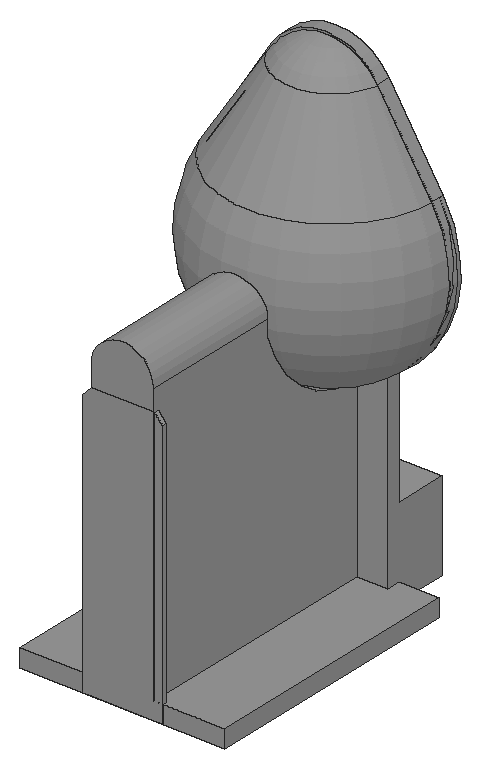
Revit family "Toilet-Willoughby-1490-HET-ETWS-FM-BS", category Plumbing Fixtures, host Face, Revit 2014
Parameters (values of type "Standard")
  Waste DIA = 2 1/4"
  Waste Connection = yes
  W-RAD [instance] = Waste DIA / 2  # 0' - 1 1/8"
  Vent Connection = no
  URL = "www.willoughby-ind.com"
  Type Comments = "Siphon Jet Flush"
  Revision = "A"
  Model = "ETWS-1490-HET-FM-BS"
  Manufacturer = "Willoughby Industries"
  HW Connection = no
  Flush inlet DIA = 1 1/2"
  Flush Inlet Connection = yes
  Fixture Body = Stainless Steel AISI 304-Willoughby
  F-RAD [instance] = Flush inlet DIA / 2  # 0' - 0 3/4"
  Description = "Floor Mounted Toilet"
  Default Elevation = 0' - 0"
  Contact Number = "(800) 428-4065"
  CW Connection = no
Reference planes (in)
  plane 1 "Base": y = -16.25
  plane 2: z = 0
  plane 3 "Center": x = 18.31072
  plane 4: y = -1.25
  plane 5: z = -6.75
  plane 6: y = -2.125
  plane 7: y = -14.0625
  plane 8: y = 0.5
  plane 9: x = 16.56072
  plane 10: x = 20.06072
  plane 11: x = 12.56072
  plane 12: x = 24.06072
  plane 13 "Waste HGT": y = -10.75
Forms (in)
  Extrusion 1, solid, material "Stainless Steel AISI 304-Willoughby" <- "Fixture Body"
    sketch origin (16.08109, 7.47968, -5.1422) x (-1, 0, 0) y (0, 0, -1)
      loop
        line (1.29775, -16.80087) -> (1.29775, -5.1422) -> (-5.72963, -5.1422) -> (-5.72963, -16.81676)
        arc (-5.72963, -16.81676) -> (-8.98136, -21.11843) -> (-8.21015, -26.45542) r 7
        line (-8.21015, -26.45542) -> (-5.16818, -31.31054)
        arc (-5.16818, -31.31054) -> (-2.20225, -32.95225) -> (0.76368, -31.31054) r 3.5
        line (0.76368, -31.31054) -> (3.80565, -26.45542)
        arc (3.80565, -26.45542) -> (4.5729, -21.10311) -> (1.29775, -16.80087) r 7
      loop
        arc (2.03989, -24.70557) -> (-2.20225, -18.23804) -> (-6.44438, -24.70557) r 4.625
        line (-6.44438, -24.70557) -> (-4.04125, -30.23842)
        arc (-4.04125, -30.23842) -> (-2.20225, -31.45225) -> (-0.36324, -30.23842) r 2
        line (-0.36324, -30.23842) -> (2.03989, -24.70557)
    from 8.72968 to 9.5
  Revolve 2, solid, material "Stainless Steel AISI 304-Willoughby" <- "Fixture Body"
    sketch origin (19.37246, -1.52032, -1.93826) x (-1, 0, 0) y (0, 0, -1)
      loop
        line (1.06174, -12.59906) -> (1.06174, -12.84906)
        arc (1.06174, -12.84906) -> (6.96784, -16.33096) -> (6.78077, -23.18447) r 6.75
        line (6.78077, -23.18447) -> (3.81535, -27.91457)
        arc (3.81535, -27.91457) -> (2.63527, -29.03194) -> (1.06174, -29.43826) r 3.25
        line (1.06174, -29.43826) -> (1.06174, -29.68826)
        arc (1.06174, -29.68826) -> (2.75672, -29.25045) -> (4.02767, -28.04656) r 3.5
        line (4.02767, -28.04656) -> (7.06964, -23.19143)
        arc (7.06964, -23.19143) -> (7.15052, -16.14555) -> (1.06174, -12.59906) r 7
      axis (1.06174, -12.59906) -> (1.06174, -29.68826)
    angle from 0 to -180
  Extrusion 3, solid, material "Stainless Steel AISI 304-Willoughby" <- "Fixture Body"
    sketch origin (19.53334, -3.02032, -2.9508) x (0, 1, 0) y (0, 0, 1)
      loop
        line (-5.27082, 2.9508) -> (1, 2.9508) -> (1, 13.76086)
        arc (1, 13.76086) -> (-2.93256, 15.26109) -> (-5.27082, 18.76086) r 6.92744
        line (-5.27082, 18.76086) -> (-5.27082, 2.9508)
    from 0.52738 to -2.97262
  Extrusion 4, solid, material "Stainless Steel AISI 304-Willoughby" <- "Fixture Body"
    sketch origin (0, 14.59309, -3) x (1, 0, 0) y (0, 1, 0)
      loop
        circle (18.31072, -25.34309) r 1.125
    from 5.5 to 0
  Extrusion 5, solid, material "Stainless Steel AISI 304-Willoughby" <- "Fixture Body"
    sketch origin (18.31072, 0, -1) x (0, 1, 0) y (0, 0, 1)
      loop
        line (-1.25, 1) -> (1.75, 1) -> (1.75, 6) -> (-1.25, 6) -> (-1.25, 1)
    from -3.52738 to 3.5
  Extrusion 6, solid, material "Stainless Steel AISI 304-Willoughby" <- "Fixture Body"
    sketch origin (0, 0, 0) x (1, 0, 0) y (0, 1, 0)
      loop
        circle (18.31072, 0.5) r 0.75
    from 0 to 1
  Extrusion 7, solid, material "Stainless Steel AISI 304-Willoughby" <- "Fixture Body"
    sketch origin (0, -16.25, 0) x (1, 0, 0) y (0, 0, 1)
      loop
        line (24.06072, 0) -> (24.06072, 1) -> (12.56072, 1) -> (12.56072, 0) -> (24.06072, 0)
    from -15 to 0
  Extrusion 8, solid, material "Stainless Steel AISI 304-Willoughby" <- "Fixture Body"
    sketch origin (0, -16.25, 2) x (1, 0, 0) y (0, 0, 1)
      loop
        line (20.06072, -2) -> (20.06072, 14.68252)
        arc (20.06072, 14.68252) -> (18.31072, 16.43252) -> (16.56072, 14.68252) r 1.75
        line (16.56072, 14.68252) -> (16.56072, -2) -> (20.06072, -2)
    from 0 to -7.95886
  Extrusion 9, solid, material "Stainless Steel AISI 304-Willoughby" <- "Fixture Body"
    sketch origin (0, -16.25, 0) x (1, 0, 0) y (0, 0, 1)
      loop
        line (20.06072, 0) -> (20.56072, 0) -> (20.56072, 15) -> (20.06072, 15.5) -> (16.56072, 15.5) -> (16.06072, 15) -> (16.06072, 0) -> (16.56072, 0) -> (20.06072, 0)
    from 0 to -0.25
Cuts and joins
  joined: Extrusion 1, Extrusion 3, Extrusion 5, Extrusion 7, Extrusion 8
Lines and regions (in)
  symbolic lines
    curve 1: line (11.28334, -2.02032, 0) -> (11.28334, -1.25, 0)
    curve 2: line (11.28334, -1.25, 0) -> (25.28334, -1.25, 0)
    curve 3: line (25.28334, -1.25, 0) -> (25.28334, -2.02032, 0)
    curve 4: line (14.78334, -1.25, 0) -> (14.78334, 1.75, 0)
    curve 5: line (14.78334, 1.75, 0) -> (21.81072, 1.75, 0)
    curve 6: line (21.81072, 1.75, 0) -> (21.81072, -1.25, 0)
    curve 7: arc (25.28334, -2.02032, 0) -> (23.09453, -6.64916, 0) -> (18.31072, -8.47458, 0) r 6.86291
    curve 8: arc (18.31072, -8.47458, 0) -> (13.57281, -6.58038, 0) -> (11.28334, -2.02032, 0) r 7.19297
    curve 9: line (24.06072, -5.53998, 0) -> (24.06072, -16.25, 0)
    curve 10: line (24.06072, -16.25, 0) -> (12.56072, -16.25, 0)
    curve 11: line (12.56072, -16.25, 0) -> (12.56072, -5.42904, 0)
    curve 12: line (20.06072, -8.27973, 0) -> (20.06072, -16.25, 0)
    curve 13: line (20.56072, -16.25, 0) -> (20.56072, -16, 0)
    curve 14: line (20.56072, -16, 0) -> (20.06072, -16, 0)
    curve 15: line (16.56072, -8.22632, 0) -> (16.56072, -16.25, 0)
    curve 16: line (16.06072, -16.25, 0) -> (16.06072, -16, 0)
    curve 17: line (16.06072, -16, 0) -> (16.56072, -16, 0)
    curve 18: line (14.78334, -16.25, 11.65867) -> (14.78334, -16.25, 0)
    curve 19: line (14.78334, -16.25, 0) -> (21.81072, -16.25, 0)
    curve 20: line (21.81072, -16.25, 0) -> (21.81072, -16.25, 11.67456)
    curve 22: line (14.78334, -16.25, 1) -> (12.56072, -16.25, 1)
    curve 23: line (12.56072, -16.25, 1) -> (12.56072, -16.25, 0)
    curve 24: line (12.56072, -16.25, 0) -> (14.78334, -16.25, 0)
    curve 25: line (21.81072, -16.25, 0) -> (24.06072, -16.25, 0)
    curve 26: line (24.06072, -16.25, 0) -> (24.06072, -16.25, 1)
    curve 27: line (24.06072, -16.25, 1) -> (21.81072, -16.25, 1)
    curve 28: arc (21.81072, -16.25, 11.67456) -> (25.06245, -16.25, 15.97624) -> (24.29124, -16.25, 21.31322) r 7
    curve 29: line (24.29124, -16.25, 21.31322) -> (21.24927, -16.25, 26.16835)
    curve 30: arc (21.24927, -16.25, 26.16835) -> (19.98923, -16.25, 27.34792) -> (18.31072, -16.25, 27.75) r 3.37397
    curve 31: arc (18.31072, -16.25, 27.75) -> (16.62783, -16.25, 27.31163) -> (15.31741, -16.25, 26.16835) r 3.79331
    curve 32: line (15.31741, -16.25, 26.16835) -> (12.35249, -16.25, 21.43905)
    curve 33: arc (12.35249, -16.25, 21.43905) -> (11.49002, -16.25, 16.03241) -> (14.78334, -16.25, 11.65867) r 7
    curve 39: line (18.31072, -8.45356, 18.44042) -> (18.31072, -16.25, 18.44042)
    curve 40: line (18.31072, -16.25, 18.44042) -> (18.31072, -16.25, 0)
    curve 41: line (18.31072, -16.25, 0) -> (18.31072, 1.75, 0)
    curve 42: line (18.31072, 1.75, 0) -> (18.31072, 1.75, 5)
    curve 43: line (18.31072, 1.75, 5) -> (18.31072, -1.25, 5)
    curve 44: line (18.31072, -1.25, 5) -> (18.31072, -1.25, 11.65867)
    curve 45: line (18.31072, -1.25, 11.65867) -> (18.31072, -2, 11.65867)
    curve 46: line (18.31072, -2, 11.65867) -> (18.31072, -2, 1.01636)
    curve 47: line (18.31072, -2, 1.01636) -> (18.31072, -1.25, 1.01636)
    curve 48: line (18.31072, -1.25, 1.01636) -> (18.31072, -1.25, 0)
    curve 49: line (18.31072, -2, 1.01636) -> (18.31072, -16.25, 1.01636)
    curve 50: line (18.31072, -1.25, 11.65867) -> (18.31072, -1.25, 27.81005)
    curve 51: line (18.31072, -1.25, 27.81005) -> (18.31072, -2.02032, 27.81005)
    curve 52: arc (18.31072, -2.02032, 27.81005) -> (18.31072, -3.33456, 27.25878) -> (18.31072, -4.37273, 26.28238) r 4.00693
    curve 53: line (18.31072, -4.37273, 26.28238) -> (18.31072, -7.52822, 21.25317)
    curve 54: arc (18.31072, -7.52822, 21.25317) -> (18.31072, -8.16227, 19.90317) -> (18.31072, -8.45356, 18.44042) r 6.16503
    curve 55: arc (18.31072, -8.45356, 18.44042) -> (18.31072, -8.31031, 17.17401) -> (18.31072, -8.29114, 15.89966) r 13.06533
    curve 56: arc (18.31072, -8.29114, 15.89966) -> (18.31072, -5.97276, 12.33206) -> (18.31072, -2, 10.80895) r 6.88312
  symbolic lines, detail levels medium+fine
    curve 21: line (21.81072, -16.25, 5) -> (14.78334, -16.25, 5)
  symbolic lines, detail levels fine
    curve 34: arc (14.0412, -16.25, 19.56337) -> (18.28334, -16.25, 13.09585) -> (22.52547, -16.25, 19.56337) r 4.625
    curve 35: line (22.52547, -16.25, 19.56337) -> (20.12234, -16.25, 25.09622)
    curve 36: arc (20.12234, -16.25, 25.09622) -> (19.38317, -16.25, 25.97635) -> (18.28334, -16.25, 26.31005) r 2.01767
    curve 37: arc (18.28334, -16.25, 26.31005) -> (17.17969, -16.25, 25.98213) -> (16.44433, -16.25, 25.09622) r 1.9827
    curve 38: line (16.44433, -16.25, 25.09622) -> (14.0412, -16.25, 19.56337)
Dimensions and locks (in)
  plane 1 "Base" to plane 4 = 1' - 3"
  locked: plane 13 "Waste HGT" to plane 1 "Base" at 5.5
  locked: plane 1 "Base" to plane 13 "Waste HGT" at 5.5
  plane 11 to plane 3 "Center" = 0' - 5 3/4"
  locked: plane 1 "Base" to plane 8 at 16.75
  plane 11 to plane 12 = 0' - 11 1/2"
  "W-RAD": radius of Extrusion 4 sketch curve
  "F-RAD": radius of Extrusion 6 sketch curve
  aligned and locked: plane 2 to host face
  aligned and locked: level to host face
  aligned and locked: plane 3 "Center" to Extrusion 4 sketch curve
  aligned and locked: plane 8 to Extrusion 6 sketch curve
  aligned and locked: plane 3 "Center" to Extrusion 6 sketch curve
  aligned and locked: plane 13 "Waste HGT" to Extrusion 4 sketch curve
  aligned and locked: level to cut or joined group of Extrusion 1, Extrusion 3, Extrusion 5, Extrusion 7, Extrusion 8
  aligned and locked: cut or joined group of Extrusion 1, Extrusion 3, Extrusion 5, Extrusion 7, Extrusion 8 to cut or joined group of Extrusion 1, Extrusion 3, Extrusion 5, Extrusion 7, Extrusion 8  (x2)
Automatic sketch dimensions
  host sketch curve to host sketch curve = 3' - 5.11378"
  host sketch curve to host sketch curve = 3' - 5.36225"
  Extrusion 1 sketch curve to Extrusion 1 sketch curve = 0' - 0"  (x8)
  level to Extrusion 1 sketch curve = 0' - 0"
  plane 3 "Center" to Extrusion 1 sketch curve = 0' - 5.98052"
  Extrusion 1 sketch curve to Extrusion 1 sketch curve = 0' - 1.76576"  (x2)
  plane 3 "Center" to Extrusion 1 sketch curve = 0' - 3 1/2"
  plane 3 "Center" to Extrusion 1 sketch curve = 0' - 2.93855"
  Extrusion 1 sketch curve to Extrusion 1 sketch curve = 0' - 1.12693"  (x2)
  Extrusion 1 sketch curve to plane 3 "Center" = 0' - 0.02738"  (x2)
  Extrusion 1 sketch curve to plane 3 "Center" = 0' - 1.86639"
  Extrusion 1 sketch curve to plane 3 "Center" = 0' - 3.52738"
  Extrusion 1 sketch curve to plane 3 "Center" = 0' - 4 69/256"
  Extrusion 1 sketch curve to Extrusion 1 sketch curve = 0' - 11.65867"
  Extrusion 1 sketch curve to Extrusion 1 sketch curve = 0' - 0.01589"
  Extrusion 1 sketch curve to Extrusion 1 sketch curve = 0' - 6.06218"
  Extrusion 1 sketch curve to Extrusion 1 sketch curve = 0' - 1.74985"
  Extrusion 1 sketch curve to Extrusion 1 sketch curve = 0' - 4.74668"
  Extrusion 1 sketch curve to Extrusion 1 sketch curve = 0' - 0.78617"
  Extrusion 1 sketch curve to Extrusion 1 sketch curve = 0' - 1.07212"
  Revolve 2 sketch curve to Revolve 2 sketch curve = 0' - 0"  (x2)
  Revolve 2 sketch curve to plane 3 "Center" = 0' - 0"  (x3)
  plane 3 "Center" to Revolve 2 sketch curve = 0' - 0"
  Revolve 2 sketch curve to plane 3 "Center" = 0' - 2.75361"
  Revolve 2 sketch curve to Revolve 2 sketch curve = 0' - 0.21232"
  Revolve 2 sketch curve to Revolve 2 sketch curve = 0' - 2.96542"
  Revolve 2 sketch curve to Revolve 2 sketch curve = 0' - 0.28887"
  level to Revolve 2 sketch curve = 2' - 3 3/4"
  Revolve 2 sketch curve to Revolve 2 sketch curve = 0' - 0 1/4"
  Revolve 2 sketch curve to Revolve 2 sketch curve = 0' - 1.3917"
  Revolve 2 sketch curve to Revolve 2 sketch curve = 0' - 0.13199"
  Revolve 2 sketch curve to Revolve 2 sketch curve = 0' - 4.85513"
  Revolve 2 sketch curve to Revolve 2 sketch curve = 0' - 0.00696"
  Revolve 2 sketch curve to Revolve 2 sketch curve = 0' - 3 1/4"
  Revolve 2 sketch curve to Revolve 2 sketch curve = 0' - 3.3392"
  Revolve 2 sketch curve to Revolve 2 sketch curve = 0' - 2.4108"
  level to Extrusion 3 sketch curve = 0' - 0"
  plane 6 to Extrusion 3 sketch curve = 0' - 0.10468"
  plane 4 to Extrusion 3 sketch curve = 0' - 0.38413"
  Extrusion 3 sketch curve to Extrusion 3 sketch curve = 0' - 10.81005"
  Extrusion 3 sketch curve to Extrusion 3 sketch curve = 0' - 5"
  Extrusion 5 sketch curve to level = 0' - 0"
  Extrusion 5 sketch curve to plane 4 = 0' - 0"
  Extrusion 5 sketch curve to plane 8 = 0' - 1 1/4"
  level to Extrusion 5 sketch curve = 0' - 5"
  Extrusion 7 sketch curve to level = 0' - 0"
  level to Extrusion 7 sketch curve = 0' - 1"
  plane 11 to Extrusion 7 sketch curve = 0' - 0"
  Extrusion 7 sketch curve to plane 12 = 0' - 0"
  level to Extrusion 8 sketch curve = 0' - 0"
  Extrusion 8 sketch curve to plane 10 = 0' - 0"
  level to Extrusion 8 sketch curve = 1' - 4.68252"
  plane 9 to Extrusion 8 sketch curve = 0' - 0"
  Extrusion 3 sketch curve to Extrusion 3 sketch curve = 0' - 6.27082"
  Extrusion 9 sketch curve to level = 0' - 0"
  Extrusion 9 sketch curve to plane 9 = 0' - 0"  (x2)
  Extrusion 9 sketch curve to plane 10 = 0' - 0"  (x2)
  Extrusion 9 sketch curve to Extrusion 9 sketch curve = 0' - 0 1/2"  (x3)
  plane 10 to Extrusion 9 sketch curve = 0' - 0 1/2"
  level to Extrusion 9 sketch curve = 1' - 3"
  plane 4 to curve 1 = 0' - 0"
  curve 11 to plane 11 = 0' - 0"
  plane 1 "Base" to curve 16 = 0' - 0"
  curve 17 to plane 9 = 0' - 0"
  curve 7 to plane 3 "Center" = 0' - 0"
  curve 8 to plane 3 "Center" = 0' - 0"
  curve 12 to plane 10 = 0' - 0"
  curve 10 to plane 12 = 0' - 0"
  curve 2 to plane 11 = 0' - 1.27738"
  curve 5 to plane 9 = 0' - 1.77738"
  plane 3 "Center" to curve 7 = 0' - 0.12182"
  plane 4 to curve 8 = 0' - 0.03274"
  plane 3 "Center" to curve 8 = 0' - 0.12768"
  curve 14 to plane 1 "Base" = 0' - 0 1/4"
  plane 10 to curve 14 = 0' - 0 1/2"
  plane 10 to curve 5 = 0' - 1 3/4"
  curve 6 to curve 3 = 0' - 3.47262"
  plane 6 to curve 1 = 0' - 0.10468"
  curve 5 to plane 8 = 0' - 1 1/4"
  curve 16 to plane 9 = 0' - 0 1/2"
  curve 17 to plane 1 "Base" = 0' - 0 1/4"
  curve 28 to curve 33 = 0' - 0"
  curve 28 to curve 34 = 0' - 0"
  curve 33 to curve 34 = 0' - 0"  (x2)
  curve 22 to plane 11 = 0' - 0"
  curve 19 to level = 0' - 0"
  curve 30 to plane 3 "Center" = 0' - 0"
  curve 31 to plane 3 "Center" = 0' - 0"
  curve 26 to plane 12 = 0' - 0"
  curve 32 to plane 11 = 0' - 0.20823"
  curve 19 to plane 9 = 0' - 1.77738"
  curve 32 to plane 9 = 0' - 1.24331"
  curve 36 to plane 3 "Center" = 0' - 0.03902"
  curve 36 to curve 37 = 0' - 0.0002"
  curve 28 to plane 3 "Center" = 0' - 0.02738"
  plane 3 "Center" to curve 30 = 0' - 0.07942"
  plane 3 "Center" to curve 31 = 0' - 0.08929"
  plane 10 to curve 35 = 0' - 0.06162"
  plane 10 to curve 29 = 0' - 1.18855"
  plane 10 to curve 20 = 0' - 1 3/4"
  curve 35 to plane 12 = 0' - 1.53525"
  plane 12 to curve 29 = 0' - 0.23052"
  level to curve 26 = 0' - 1"
  level to curve 23 = 0' - 1"
  curve 22 to curve 18 = 0' - 10.65867"
  curve 18 to curve 20 = 0' - 0.01589"
  curve 33 to curve 28 = 0' - 6.06218"
  curve 35 to curve 28 = 0' - 1.74985"
  curve 35 to curve 31 = 0' - 4.39436"
  curve 31 to curve 36 = 0' - 0.33468"
  curve 36 to curve 37 = 0' - 0.03496"
  curve 37 to curve 30 = 0' - 0.04959"
  curve 35 to curve 30 = 0' - 1.07212"
  plane 11 to curve 34 = 0' - 1 123/256"
  curve 37 to plane 9 = 0' - 0.11639"
  curve 37 to curve 36 = 0' - 0"
  curve 27 to curve 21 = 0' - 4"
  curve 40 to plane 1 "Base" = 0' - 0"
  curve 50 to plane 4 = 0' - 0"
  curve 48 to level = 0' - 0"
  curve 48 to plane 4 = 0' - 0"
  plane 1 "Base" to curve 55 = 0' - 5.09903"
  plane 13 "Waste HGT" to curve 39 = 0' - 2.29644"
  curve 54 to curve 53 = 0' - 0.92534"
  curve 53 to plane 6 = 0' - 2.24773"
  curve 54 to plane 6 = 0' - 0.181"
  plane 6 to curve 51 = 0' - 0.10468"
  plane 6 to curve 46 = 0' - 0 1/8"
  plane 4 to curve 56 = 0' - 0.39299"
  curve 52 to plane 4 = 0' - 0.09777"
  curve 42 to plane 8 = 0' - 1 1/4"
  level to curve 47 = 0' - 1.01636"
  curve 47 to curve 43 = 0' - 3.98364"
  curve 43 to curve 45 = 0' - 6.65867"
  curve 45 to curve 56 = 0' - 6.02414"
  curve 56 to curve 54 = 0' - 0.29377"
  curve 54 to curve 39 = 0' - 0.46384"
  curve 54 to curve 52 = 0' - 5.92171"
  curve 52 to curve 53 = 0' - 2.3841"
  plane 13 "Waste HGT" to curve 56 = 0' - 2.45886"
  curve 56 to curve 45 = 0' - 0.84972"
Connectors (in)
  piping at (18.31072, -10.75, -3), diameter 2.25, driven by "W-RAD", driven by "Waste Connection"
    settings: on Extrusion 4, index 1, connector inside diameter 2 1/4", connector length 0' - 0", flow factor 0, pipe flow 0 GPM, pressure drop 0.00 psi, fitting loss kfactor 0, connector angle 0.00°, fixture units 0, engagement length 0' - 0", angle of deflection 0.00°, flow configuration 0, flow direction 2, fitting loss method 0, system type 16, joint type 0, gender type 0, connector reference index -1, connector utility 1, adjustable connector no, is connector primary yes, connector description "Toilet Waste"
  piping at (18.31072, 0.5, 1), diameter 1.5, driven by "F-RAD", driven by "Flush Inlet Connection"
    settings: on Extrusion 6, index 2, connector inside diameter 1 1/2", connector length 0' - 0", flow factor 0, pipe flow 0 GPM, pressure drop 0.00 psi, fitting loss kfactor 0, connector angle 0.00°, fixture units 0, engagement length 0' - 0", angle of deflection 0.00°, flow configuration 0, flow direction 1, fitting loss method 0, system type 20, joint type 0, gender type 0, connector reference index -1, connector utility 1, adjustable connector no, is connector primary no, connector description "Flush Inlet"
